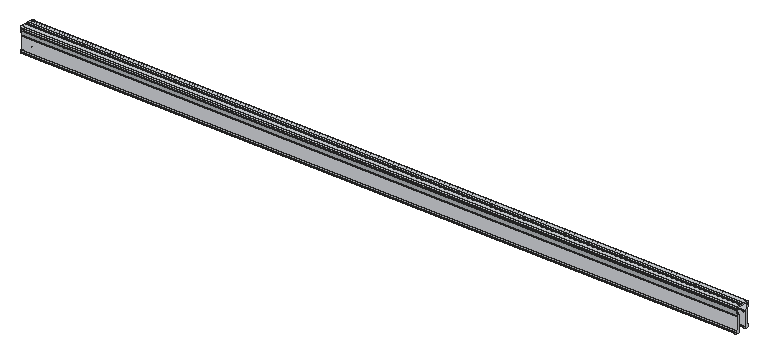
Revit family "97TSC4.00 12g Top Chord", category Structural Framing, Revit 2020
Family settings
  Section Shape = Not Defined
  Material for Model Behavior = Steel
  Always export as geometry = No
  OmniClass Number = 23.25.30.11.14.14
  OmniClass Title = Beams
  Always vertical = Yes
  Cut with Voids When Loaded = No
  Symbolic Representation = From Family
  Shared = No
  Show family pre-cut in plan views = Yes
Parameters
  Weight lbs per ft [instance] = 4.0653
  URL = "https://www.trussteel.com/details_files/pdf/ts008.pdf"
  Total Member Weight lbs [instance] = Length / 1' 0" * Weight lbs per ft  # 40.653
  Structural Material = ASTM A653 SS Grade 50 Class 1 G90
  Steel Design Thickness [instance] = 0.1028
  Model = "97TSC4.00"
  Manufacturer = "TrusSteel"
  Length [instance] = 10' - 0"
  Fy (ksi) [instance] = 50
  Fu (ksi) [instance] = 65
  Description = "Chord"
  Cross Section Area (in2) [instance] = 1.1957
  Beam Height = 0' - 4"
  Beam Width = 0' - 2 1/2"
Reference planes (in)
  plane 1 "Center (Front/Back)": y = 0
  plane 2 "Center El.": z = 0
  plane 3 "Center (Left/Right)": x = 0
  plane 4 "Left": x = -60
  plane 5 "Right": x = 60
Forms (in)
  Extrusion 1, solid
    sketch origin (0, 0, 0) x (0, 1, 0) y (0, 0, 1)
      loop
        arc (1.0543, -0.1017) -> (1.12077, -0.12923) -> (1.1483, -0.1957) r 0.094
        line (1.1483, -0.1957) -> (1.1483, -0.41335)
        arc (1.1483, -0.41335) -> (1.14203, -0.47929) -> (1.12346, -0.54286) r 0.35
        line (1.12346, -0.54286) -> (0.78206, -1.4)
        arc (0.78206, -1.4) -> (0.75809, -1.48204) -> (0.75, -1.56714) r 0.4517
        line (0.75, -1.56714) -> (0.75, -3.8383)
        arc (0.75, -3.8383) -> (0.79736, -3.95264) -> (0.9117, -4) r 0.1617
        line (0.9117, -4) -> (1.0883, -4)
        arc (1.0883, -4) -> (1.20264, -3.95264) -> (1.25, -3.8383) r 0.1617
        line (1.25, -3.8383) -> (1.25, -3.5) -> (1.1483, -3.5) -> (1.1483, -3.8383)
        arc (1.1483, -3.8383) -> (1.13073, -3.88073) -> (1.0883, -3.8983) r 0.06
        line (1.0883, -3.8983) -> (0.9117, -3.8983)
        arc (0.9117, -3.8983) -> (0.86927, -3.88073) -> (0.8517, -3.8383) r 0.06
        line (0.8517, -3.8383) -> (0.8517, -1.56714)
        arc (0.8517, -1.56714) -> (0.85797, -1.5012) -> (0.87654, -1.43763) r 0.35
        line (0.87654, -1.43763) -> (1.21794, -0.5805)
        arc (1.21794, -0.5805) -> (1.24191, -0.49845) -> (1.25, -0.41335) r 0.4517
        line (1.25, -0.41335) -> (1.25, -0.1957)
        arc (1.25, -0.1957) -> (1.19268, -0.05732) -> (1.0543, 0) r 0.1957
        line (1.0543, 0) -> (0.31554, 0)
        arc (0.31554, 0) -> (0.20426, -0.01614) -> (0.10215, -0.06323) r 0.3917
        arc (0.10215, -0.06323) -> (0, -0.0935) -> (-0.10215, -0.06323) r 0.1875
        arc (-0.10215, -0.06323) -> (-0.20426, -0.01614) -> (-0.31554, 0) r 0.3917
        line (-0.31554, 0) -> (-1.0543, 0)
        arc (-1.0543, 0) -> (-1.19268, -0.05732) -> (-1.25, -0.1957) r 0.1957
        line (-1.25, -0.1957) -> (-1.25, -0.41335)
        arc (-1.25, -0.41335) -> (-1.24191, -0.49845) -> (-1.21794, -0.5805) r 0.4517
        line (-1.21794, -0.5805) -> (-0.87654, -1.43763)
        arc (-0.87654, -1.43763) -> (-0.85797, -1.5012) -> (-0.8517, -1.56714) r 0.35
        line (-0.8517, -1.56714) -> (-0.8517, -3.8383)
        arc (-0.8517, -3.8383) -> (-0.86927, -3.88073) -> (-0.9117, -3.8983) r 0.06
        line (-0.9117, -3.8983) -> (-1.0883, -3.8983)
        arc (-1.0883, -3.8983) -> (-1.13073, -3.88073) -> (-1.1483, -3.8383) r 0.06
        line (-1.1483, -3.8383) -> (-1.1483, -3.5) -> (-1.25, -3.5) -> (-1.25, -3.8383)
        arc (-1.25, -3.8383) -> (-1.20264, -3.95264) -> (-1.0883, -4) r 0.1617
        line (-1.0883, -4) -> (-0.9117, -4)
        arc (-0.9117, -4) -> (-0.79736, -3.95264) -> (-0.75, -3.8383) r 0.1617
        line (-0.75, -3.8383) -> (-0.75, -1.56714)
        arc (-0.75, -1.56714) -> (-0.75809, -1.48204) -> (-0.78206, -1.4) r 0.4517
        line (-0.78206, -1.4) -> (-1.12346, -0.54286)
        arc (-1.12346, -0.54286) -> (-1.14203, -0.47929) -> (-1.1483, -0.41335) r 0.35
        line (-1.1483, -0.41335) -> (-1.1483, -0.1957)
        arc (-1.1483, -0.1957) -> (-1.12077, -0.12923) -> (-1.0543, -0.1017) r 0.094
        line (-1.0543, -0.1017) -> (-0.31554, -0.1017)
        arc (-0.31554, -0.1017) -> (-0.23315, -0.11365) -> (-0.15755, -0.14851) r 0.29
        arc (-0.15755, -0.14851) -> (0, -0.1952) -> (0.15755, -0.14851) r 0.2892
        arc (0.15755, -0.14851) -> (0.23315, -0.11365) -> (0.31554, -0.1017) r 0.29
        line (0.31554, -0.1017) -> (1.0543, -0.1017)
    from -60 to 60
Dimensions and locks (in)
  equal spacing: plane 4 "Left", plane 3 "Center (Left/Right)", plane 5 "Right"
  "Length": plane 4 "Left" to plane 5 "Right"
  "Beam Width": Extrusion 1 to Extrusion 1
  "Beam Height": Extrusion 1 to Extrusion 1
  aligned and locked: level to plane 2 "Center El."
  aligned and locked: plane 4 "Left" to Extrusion 1
  aligned and locked: Extrusion 1 to plane 5 "Right"
Automatic sketch dimensions
  Extrusion 1 sketch curve to Extrusion 1 sketch curve = 0' - 0"  (x28)
  Extrusion 1 sketch curve to level = 0' - 0"  (x2)
  Extrusion 1 sketch curve to plane 1 "Center (Front/Back)" = 0' - 0"
  plane 1 "Center (Front/Back)" to Extrusion 1 sketch curve = 0' - 0.31554"
  plane 1 "Center (Front/Back)" to Extrusion 1 sketch curve = 0' - 0 3/4"
  Extrusion 1 sketch curve to Extrusion 1 sketch curve = 0' - 0.03206"  (x2)
  Extrusion 1 sketch curve to Extrusion 1 sketch curve = 0' - 0.48276"  (x2)
  Extrusion 1 sketch curve to Extrusion 1 sketch curve = 0' - 0.1017"  (x2)
  Extrusion 1 sketch curve to Extrusion 1 sketch curve = 0' - 0.09448"  (x4)
  Extrusion 1 sketch curve to Extrusion 1 sketch curve = 0' - 0.06"  (x4)
  Extrusion 1 sketch curve to Extrusion 1 sketch curve = 0' - 0.256"  (x2)
  Extrusion 1 sketch curve to Extrusion 1 sketch curve = 0' - 0.1766"  (x2)
  Extrusion 1 sketch curve to level = 0' - 0.54286"  (x2)
  Extrusion 1 sketch curve to Extrusion 1 sketch curve = 0' - 0.32516"  (x2)
  Extrusion 1 sketch curve to Extrusion 1 sketch curve = 0' - 0.02484"  (x2)
  Extrusion 1 sketch curve to Extrusion 1 sketch curve = 0' - 0.35"  (x2)
  Extrusion 1 sketch curve to level = 0' - 0.5805"  (x2)
  Extrusion 1 sketch curve to plane 1 "Center (Front/Back)" = 0' - 0.31554"
  Extrusion 1 sketch curve to plane 1 "Center (Front/Back)" = 0' - 0 3/4"
  Extrusion 1 sketch curve to Extrusion 1 sketch curve = 0' - 0.85713"  (x2)
  Extrusion 1 sketch curve to Extrusion 1 sketch curve = 0' - 1.93286"  (x2)
  Extrusion 1 sketch curve to Extrusion 1 sketch curve = 0' - 0.3383"  (x2)
  Extrusion 1 sketch curve to Extrusion 1 sketch curve = 0' - 0.29"  (x2)
  level to Extrusion 1 sketch curve = 0' - 0.094"
